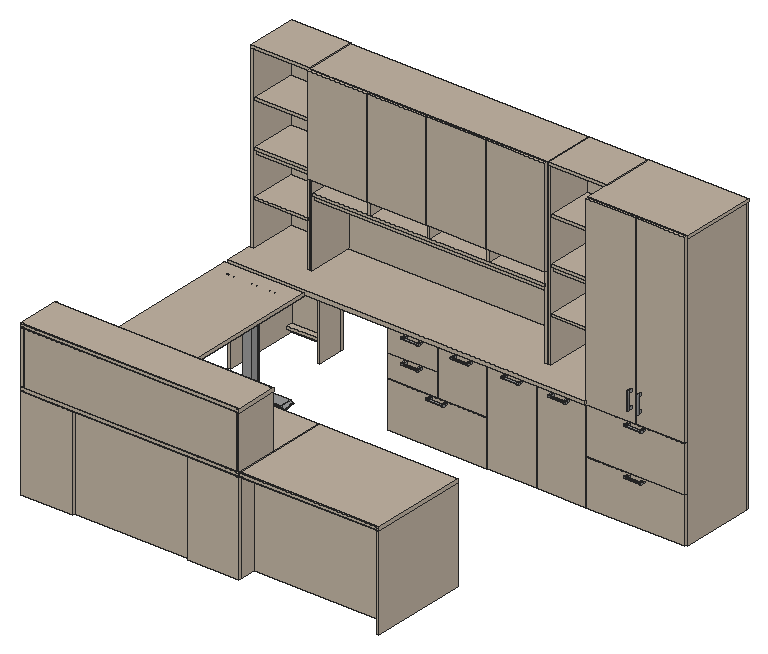
Revit family "JSI-Vision-Typical_Laminate-VST112", category Furniture, Revit 2020
Family settings
  OmniClass Number = 23.40.20.00
  OmniClass Title = General Furniture and Specialties
  Work Plane-Based = No
  Always vertical = Yes
  Cut with Voids When Loaded = No
  Shared = No
  Room Calculation Point = No
Parameters (values of type "VST112")
  URL = "www.jsifurniture.com"
  Type Comments = "Typical Laminate"  # constant formula
  Model = "VST112"
  Manufacturer = "JSI"  # constant formula
  Keynote = "12500"
  Default Elevation = 0"
  Assembly Code = "E2020200"
Reference planes (in)
  plane 1 "Center Front/Back": y = 0
  plane 2: z = 0
  plane 3 "Center Left/Right": x = 0
Dimensions and locks (in)
  aligned and locked: level to plane 2
Nested families (in)
  nested 1: "JSI-Vision-Transaction_Counter" at (65.9375, -102.125, -0.813) x (-1, 0, 0) z (0, 0, 1), type "VST1366TC, Laminate Transaction Counter 66"W"
    with Height 17.184", Depth 12.996"
  nested 2: "JSI-Vision-Double_Height_Overhead_Bookcase" at (90, -0.2655, -0.8165), type "VST1618DBO, Laminate Dbl Height Bookcase OH Cab. 16" x 18""
    with Width 18", Unit Centre 9", Depth 15.432"
  nested 3: "JSI-Vision-Modular_Wing_End_Support" at (0, -0.125, 0), type "VST1624WEAL, Wing End Sup - Left"
    with Depth 24"
  nested 4: "JSI-Vision-Double_Height_Overhead_Cabinets_with_Cubbies" at (18.125, -0.2655, -0.8165), type "VST1672DSOC, Laminate Dbl H OH Cab. 16" x 72", 4 Doors w Cub"
    with Verticall Partition Distance 35 13/16", Unit Centre 36", Width 72", Door Width Actual 17 13/16", Door Array Spacing 17 15/16", Door Width 17 13/16", Bottom Partition Array Start Distance 17 7/8", Bottom Partition Array Space 17 1/2", Bottom Partition Array Distance 17 15/16", # of bottom Partition 3, # of Doors 4
  nested 5: "JSI-Vision-Credenza_Top" at (108, -24.125, 27.996) x (-1, 0, 0) z (0, 0, 1), type "VST24108MCT, Laminate Credenza Top, 24" x 108""
    with Height 0", Width 108", Depth 24"
  nested 6: "JSI-Vision-File_File_Lateral_Storage_Cabinet" at (108, 0, 0), type "VST2430-84FFT, Laminate 84" H Lat File Strg Cab 24" x 30""
    with Width 30", Unit Centre 15", Shelve Width 28 1/2", Drawer Pull Distance(Right) 7 7/16", Drawer Pull Distance(Left) 7 7/16", Door Width 14 7/8"
  nested 7: "JSI-Vision-Modular_Multi_File_Pedestal" at (48.125, -0.0155, 0), type "VST3024MRM, Laminate Modular Multi File Ped - Right"
    with Multi Pstn 22 5/8", L no, Height 27.996", Depth 24"
  nested 8: "JSI-Vision-Modular_Door_Pedestal" at (78.125, -0.125, 0), type "VST3024MSC, Laminate Modular Door Ped"
    with Depth 24"
  nested 9: "JSI-Vision-Rectangle_Desk_Top" at (66, -72.125, -2.004), type "VST3042MCT, Laminate Rectangular Desk Top, 30" x 42""
  nested 10: "JSI-Vision-Shell_Desk-Break_Front_Modesty" at (66, -102.125, 0) x (-1, 0, 0) z (0, 0, 1), type "VST3066SHD, Laminate 30 x 66 Shell Desk , Break Front Modesty"
    with Width 66", Height 29.187"
  nested 11: "JSI-Vision_Modular_End_Panel_Return_Shell" at (118, -65.87337, 0) x (0, 1, 0) z (0, 0, 1), type "VST30EP, Laminate  29 5/8  Modular End Panel for Return Shell"
    with Width 29 5/8", Height 28"
  nested 12: "JSI-Vision-Double_Height_Overhead_Bookcase" at (0.25, 0, -0.8165), type "VST1618DBO, Laminate Dbl Height Bookcase OH Cab. 16" x 18""
    with Width 18", Unit Centre 9", Depth 15.432"
  nested 13: "JSI-Vision-Adjustable_Table_Height_Bridge-Standard_Range" at (0, -71.125, 0) x (0, 1, 0) z (0, 0, 1), type "VST2446AHB-S - Adjustable Height Table Standard Range 46"W x 24"D"
  nested 14: "JSI-Vision-L_Bracket" at (66, -95.625, 14.92973) x (0, 1, 0) z (0, 0, 1), type "VSB-LBRKT-20, Matter Black L-Bracket 17"w"
  nested 15: "JSI-Vision-Modular_Break_Front_Modesty_Panel" at (66, -89.625, 0), type "VST4128MDDE, Modular Break Front Modesty Panel 28"H, 40 5/8"W"
Definition of nested family "JSI-Vision-Transaction_Counter"
  Parameters (values of type "Type Catalog")
    Worksurface = none
    Width = 66"
    URL = "www.jsifurniture.com"
    Type Comments = ""
    Series = "Vision Casegoods"  # constant formula
    Model = "Type Catalog"
    Material = ""
    Manufacturer = "JSI"  # constant formula
    Keynote = "12500"
    JSI Enviromental Website = "http://www.jsifurniture.com/jsi_sustainability_intro.php"
    Height = 17 3/16"
    Desk Height = 30"
    Description = "Type Catalog"
    Depth = 13"
    Default Elevation = 0"
    Chassis = none
    Assembly Code = "E2020200"
  Reference planes (in)
    plane 1 "Center Front/Back": y = 0
    plane 2: z = 0
    plane 3 "Center Left/Right": x = 0
    plane 4: z = 0
    plane 5: x = 66
    plane 6: y = -13
    plane 7: z = 30
    plane 8: z = 47.1875
    plane 9: z = 46
    plane 10: x = 0.125
    plane 11: x = 0.875
    plane 12: x = 65.125
    plane 13: x = 65.875
    plane 14: y = -12.875
    plane 15: y = -0.125
    plane 16: y = -0.875
  Forms (in)
    Extrusion 1, solid, material <- "Worksurface"
      sketch origin (0, 0.25, 40.85066) x (0, 1, 0) y (0, 0, 1)
        loop
          line (-13.13189, 5.14934) -> (-0.36719, 5.14934)
          arc (-0.36719, 5.14934) -> (-0.28432, 5.18366) -> (-0.25, 5.26653) r 0.11719
          line (-0.25, 5.26653) -> (-0.25, 6.21965)
          arc (-0.25, 6.21965) -> (-0.28432, 6.30252) -> (-0.36719, 6.33684) r 0.11719
          line (-0.36719, 6.33684) -> (-13.13189, 6.33684)
          arc (-13.13189, 6.33684) -> (-13.21541, 6.30225) -> (-13.25, 6.21873) r 0.11811
          line (-13.25, 6.21873) -> (-13.25, 5.26745)
          arc (-13.25, 5.26745) -> (-13.21541, 5.18393) -> (-13.13189, 5.14934) r 0.11811
      from 0 to 66
    Extrusion 2, solid, material <- "Chassis"
      sketch origin (0, 0, 0) x (1, 0, 0) y (0, 1, 0)
        loop
          line (0.125, -0.125) -> (0.125, -12.875) -> (0.875, -12.875) -> (0.875, -0.125) -> (0.125, -0.125)
      from 30 to 46
    Extrusion 3, solid, material <- "Chassis"
      sketch origin (0, 0, 0) x (1, 0, 0) y (0, 1, 0)
        loop
          line (65.125, -0.125) -> (65.125, -12.875) -> (65.875, -12.875) -> (65.875, -0.125) -> (65.125, -0.125)
      from 30 to 46
    Extrusion 4, solid, material <- "Chassis"
      sketch origin (0, 0, 0) x (1, 0, 0) y (0, 1, 0)
        loop
          line (0.875, -0.875) -> (65.125, -0.875) -> (65.125, -0.125) -> (0.875, -0.125) -> (0.875, -0.875)
      from 30 to 46
  Lines and regions (in)
    symbolic lines
      curve 1: line (0, 0, 0) -> (66, 0, 0)
      curve 2: line (0, -13, 0) -> (0, 0, 0)
      curve 3: line (66, -13, 0) -> (0, -13, 0)
      curve 4: line (66, 0, 0) -> (66, -13, 0)
  Dimensions and locks (in)
    "Depth": plane 6 to plane 1 "Center Front/Back"
    "Width": plane 5 to plane 3 "Center Left/Right"
    "Desk Height": plane 7 to level
    "Height": plane 8 to plane 7
    locked: plane 8 to plane 9 at 1.1875
    plane 12 to plane 13 to plane 5 = 3/4" locked, 1/8" locked
    plane 3 "Center Left/Right" to plane 10 to plane 11 = 1/8" locked, 3/4" locked
    locked: plane 14 to plane 6 at 0.125
    plane 1 "Center Front/Back" to plane 15 to plane 16 = 1/8" locked, 3/4" locked
    aligned and locked: level to plane 2
    aligned and locked: plane 5 to Extrusion 1
    aligned and locked: curve 1 to Extrusion 1
    aligned and locked: curve 2 to Extrusion 1
    aligned and locked: curve 3 to plane 6
    aligned and locked: curve 4 to plane 5
    aligned and locked: plane 8 to Extrusion 1  (x2)
    aligned and locked: Extrusion 1 to plane 9  (x3)
    aligned and locked: Extrusion 1 to plane 1 "Center Front/Back"  (x3)
    aligned and locked: Extrusion 1 to plane 6  (x3)
    aligned and locked: plane 10 to Extrusion 2 sketch curve
    aligned and locked: plane 15 to Extrusion 2 sketch curve
    aligned and locked: Extrusion 2 sketch curve to plane 11
    aligned and locked: plane 14 to Extrusion 2 sketch curve
    aligned and locked: plane 14 to Extrusion 3 sketch curve
    aligned and locked: plane 12 to Extrusion 3 sketch curve
    aligned and locked: Extrusion 3 sketch curve to plane 13
    aligned and locked: plane 15 to Extrusion 3 sketch curve
    aligned and locked: Extrusion 2 to plane 7
    aligned and locked: plane 9 to Extrusion 2
    aligned and locked: plane 7 to Extrusion 3
    aligned and locked: plane 9 to Extrusion 3
    aligned and locked: plane 12 to Extrusion 4 sketch curve
    aligned and locked: Extrusion 4 sketch curve to plane 15
    aligned and locked: Extrusion 4 sketch curve to plane 11
    aligned and locked: Extrusion 4 to plane 16
    aligned and locked: Extrusion 4 to plane 7
    aligned and locked: plane 9 to Extrusion 4
  Automatic sketch dimensions
    Extrusion 1 sketch curve to plane 6 = 0"
    Extrusion 1 sketch curve to plane 8 = 0"
    Extrusion 1 sketch curve to plane 9 = 0"
    Extrusion 1 sketch curve to plane 1 "Center Front/Back" = 0"
    plane 6 to Extrusion 1 sketch curve = 0.11811"  (x2)
    plane 1 "Center Front/Back" to Extrusion 1 sketch curve = 15/128"
    Extrusion 1 sketch curve to Extrusion 1 sketch curve = 15/128"
    Extrusion 4 sketch curve to Extrusion 4 sketch curve = 3/4"
Definition of nested family "JSI-Vision-Double_Height_Overhead_Bookcase"
  Parameters (values of type "Type Catalog")
    Top = none
    Width = 36"
    Unit Centre = Width / 2  # 18"
    URL = "www.jsifurniture.com"
    Type Comments = ""
    Tag = "Open"
    Series = "Vision Casegoods"  # constant formula
    OH Elevation = 30"
    Model = "Type Catalog"
    Material = ""
    Manufacturer = "JSI"  # constant formula
    Keynote = "12500"
    JSI Enviromental Website = "http://www.jsifurniture.com/jsi_sustainability_intro.php"
    Height = 54"
    Grommet Finish = none
    Description = "Type Catalog"
    Depth = 15 7/16"
    Default Elevation = 0"
    Chassis = none
    Assembly Code = "E2020200"
  Reference planes (in)
    plane 1 "Center Front/Back": y = 0
    plane 2: z = 0
    plane 3 "Center Left/Right": x = 0
    plane 4: z = 0
    plane 5: y = -0.125
    plane 6: x = 0.125
    plane 7: x = 36
    plane 8: x = 35.875
    plane 9: y = -15.5625
    plane 10: y = -15.6875
    plane 11: y = -16.4375
    plane 12: x = 0.875
    plane 13: x = 35.125
    plane 14: x = 18
    plane 15: z = 84.5
    plane 16: z = 83.75
    plane 17: z = 30
    plane 18: x = 0.1875
    plane 19: x = 35.8125
    plane 20: z = 84
    plane 21: y = -0.9375
    plane 22: y = -1.6875
    plane 23: z = 56.875
    plane 24: z = 70.3125
    plane 25: z = 43.4375
    plane 26: z = 70.6875
    plane 27: z = 69.9375
    plane 28: z = 57.25
    plane 29: z = 56.5
    plane 30: z = 43.8125
    plane 31: z = 43.0625
    plane 32: y = -14.8125
    plane 33: y = -14.0625
    plane 34: z = 55
  Forms (in)
    Extrusion 1, solid, material <- "Chassis"
      sketch origin (0, 0, 0) x (1, 0, 0) y (0, 1, 0)
        loop
          line (0.125, -0.125) -> (0.125, -15.5625) -> (0.875, -15.5625) -> (0.875, -0.125) -> (0.125, -0.125)
      from 30 to 83.75
    Extrusion 2, solid, material <- "Chassis"
      sketch origin (0, 0, 0) x (1, 0, 0) y (0, 1, 0)
        loop
          line (35.125, -0.125) -> (35.125, -15.5625) -> (35.875, -15.5625) -> (35.875, -0.125) -> (35.125, -0.125)
      from 30 to 83.75
    Extrusion 3, solid, material <- "Chassis"
      sketch origin (102.12288, -0.9375, 48) x (1, 0, 0) y (0, 0, 1)
        loop
          line (-101.24788, 35.75) -> (-101.24788, -18) -> (-66.99788, -18) -> (-66.99788, 35.75) -> (-101.24788, 35.75)
      from 0 to 0.75
    Extrusion 4, solid, material <- "Top"
      sketch origin (60, -0.125, 48) x (1, 0, 0) y (0, 0, 1)
        loop
          line (-59.875, 36.5) -> (-59.875, 35.75) -> (-24.125, 35.75) -> (-24.125, 36.5) -> (-59.875, 36.5)
      from 0 to 15.4375
    Extrusion 5, solid, material <- "Chassis"
      sketch origin (60, -0.125, 48) x (1, 0, 0) y (0, 0, 1)
        loop
          line (-59.125, 22.6875) -> (-59.125, 21.9375) -> (-24.875, 21.9375) -> (-24.875, 22.6875) -> (-59.125, 22.6875)
      from 1.5625 to 15.4375
    Extrusion 6, solid, material <- "Chassis"
      sketch origin (60, -0.125, 48) x (1, 0, 0) y (0, 0, 1)
        loop
          line (-59.125, 9.25) -> (-59.125, 8.5) -> (-24.875, 8.5) -> (-24.875, 9.25) -> (-59.125, 9.25)
      from 1.5625 to 15.4375
    Extrusion 7, solid, material <- "Chassis"
      sketch origin (60, -0.125, 48) x (1, 0, 0) y (0, 0, 1)
        loop
          line (-59.125, -4.1875) -> (-59.125, -4.9375) -> (-24.875, -4.9375) -> (-24.875, -4.1875) -> (-59.125, -4.1875)
      from 1.5625 to 15.4375
    Extrusion 8, solid, material <- "Chassis"
      sketch origin (0, 0, 0) x (1, 0, 0) y (0, 1, 0)
        loop
          line (0.875, -14.0625) -> (0.875, -14.8125) -> (35.125, -14.8125) -> (35.125, -14.0625) -> (0.875, -14.0625)
      from 55 to 56.5
  Lines and regions (in)
    symbolic lines
      curve 1: line (35.875, -0.125, 0) -> (0.125, -0.125, 0)
      curve 2: line (0.125, -0.125, 0) -> (0.125, -15.5625, 0)
      curve 3: line (0.125, -15.5625, 0) -> (35.875, -15.5625, 0)
      curve 4: line (35.875, -15.5625, 0) -> (35.875, -0.125, 0)
  Dimensions and locks (in)
    locked: plane 3 "Center Left/Right" to plane 6 at 0.125
    "Width": plane 3 "Center Left/Right" to plane 7
    locked: plane 8 to plane 7 at 0.125
    locked: plane 10 to plane 9 at 0.125
    locked: plane 11 to plane 10 at 0.75
    locked: plane 5 to plane 1 "Center Front/Back" at 0.125
    locked: plane 6 to plane 12 at 0.75
    locked: plane 13 to plane 8 at 0.75
    "Unit Centre": plane 3 "Center Left/Right" to plane 14
    locked: plane 15 to plane 16 at 0.75
    "OH Elevation": plane 17 to plane 4
    locked: plane 6 to plane 18 at 0.0625
    locked: plane 19 to plane 8 at 0.0625
    "Depth": plane 9 to plane 5
    locked: plane 15 to plane 20 at 0.5
    "Height": plane 20 to plane 17
    plane 22 to plane 21 to plane 5 = 3/4" locked, 13/16" locked
    equal spacing: plane 16, plane 23, plane 17
    equal spacing: plane 16, plane 24, plane 23
    equal spacing: plane 23, plane 25, plane 17
    plane 26 to plane 24 to plane 27 = 3/8" locked, 3/8" locked
    plane 28 to plane 23 to plane 29 = 3/8" locked, 3/8" locked
    plane 30 to plane 25 to plane 31 = 3/8" locked, 3/8" locked
    plane 9 to plane 32 to plane 33 = 3/4" locked, 3/4" locked
    locked: plane 29 to plane 34 at 1.5
    aligned and locked: level to plane 2
    aligned and locked: plane 6 to Extrusion 1 sketch curve
    aligned and locked: Extrusion 1 sketch curve to plane 9
    aligned and locked: Extrusion 1 sketch curve to plane 12
    aligned and locked: plane 5 to Extrusion 1 sketch curve
    aligned and locked: plane 13 to Extrusion 2 sketch curve
    aligned and locked: Extrusion 2 sketch curve to plane 9
    aligned and locked: Extrusion 2 sketch curve to plane 8
    aligned and locked: plane 5 to Extrusion 2 sketch curve
    aligned and locked: plane 16 to Extrusion 3
    aligned and locked: Extrusion 3 to plane 21
    aligned and locked: plane 22 to Extrusion 3
    aligned and locked: plane 12 to Extrusion 3 sketch curve
    aligned and locked: Extrusion 3 sketch curve to plane 13
    aligned and locked: plane 16 to Extrusion 1
    aligned and locked: Extrusion 1 to plane 17
    aligned and locked: plane 16 to Extrusion 2
    aligned and locked: Extrusion 2 to plane 17
    aligned and locked: plane 16 to Extrusion 4 sketch curve
    aligned and locked: Extrusion 4 sketch curve to plane 15
    aligned and locked: Extrusion 4 sketch curve to plane 8
    aligned and locked: plane 6 to Extrusion 4 sketch curve
    aligned and locked: Extrusion 4 to plane 5
    aligned and locked: plane 9 to Extrusion 4
    aligned and locked: Extrusion 5 sketch curve to plane 26
    aligned and locked: plane 27 to Extrusion 5 sketch curve
    aligned and locked: plane 12 to Extrusion 5 sketch curve
    aligned and locked: Extrusion 5 sketch curve to plane 13
    aligned and locked: Extrusion 5 to plane 22
    aligned and locked: plane 9 to Extrusion 5
    aligned and locked: Extrusion 6 sketch curve to plane 28
    aligned and locked: plane 29 to Extrusion 6 sketch curve
    aligned and locked: Extrusion 6 sketch curve to plane 13
    aligned and locked: plane 12 to Extrusion 6 sketch curve
    aligned and locked: Extrusion 7 sketch curve to plane 30
    aligned and locked: plane 31 to Extrusion 7 sketch curve
    aligned and locked: Extrusion 7 sketch curve to plane 13
    aligned and locked: plane 12 to Extrusion 7 sketch curve
    aligned and locked: Extrusion 6 to plane 22
    aligned and locked: plane 9 to Extrusion 6
    aligned and locked: Extrusion 7 to plane 22
    aligned and locked: plane 9 to Extrusion 7
    aligned and locked: plane 33 to Extrusion 8 sketch curve
    aligned and locked: Extrusion 8 sketch curve to plane 32
    aligned and locked: Extrusion 8 sketch curve to plane 13
    aligned and locked: plane 12 to Extrusion 8 sketch curve
    aligned and locked: plane 29 to Extrusion 8
    aligned and locked: Extrusion 8 to plane 34
    aligned and locked: plane 14 to nested 1
    aligned and locked: plane 9 to nested 1
    aligned and locked: curve 1 to Extrusion 4
    aligned and locked: curve 2 to Extrusion 4
    aligned and locked: curve 3 to Extrusion 4
    aligned and locked: curve 4 to Extrusion 4
  Automatic sketch dimensions
    Extrusion 3 sketch curve to plane 17 = 0"
    Extrusion 3 sketch curve to plane 16 = 0"
  Nested families (in)
    nested 1: "Label 1-16 OH" at (18, -15.5625, 0), type "OH DOORS"
  Definition of nested family "Label 1-16 OH"
    Parameters
      Width = 1"
      Model Name = "4 Doors"
    Reference planes (in)
      plane 1: y = 0
      plane 2: x = 0
    Text (in)
      label "XX" at (0.00051, -0.12324, 0), shows "Model Name"
Definition of nested family "JSI-Vision-Modular_Wing_End_Support"
  Parameters (values of type "Wing End Sup - Type Catalog Family")
    Width = 16"
    URL = "www.jsifurniture.com"
    Series = "Vision Casegoods"  # constant formula
    Pnl Pstn = if(L, 1/8", Width - 7/8")  # 1/8"
    Model = "Type Catalog"
    Manufacturer = "JSI"  # constant formula
    L = yes
    Keynote = "12500"  # constant formula
    JSI Enviromental website = "http://www.jsifurniture.com/jsi_sustainability_intro.php"
    Height = 28"
    Grommet Finish = none
    Description = "Type Catalog"
    Depth = 20"
    Default Elevation = 0"
    Chassis = none
    Assembly Code = "E2020200"
  Reference planes (in)
    plane 1 "Center Front/Back": y = 0
    plane 2: z = 0
    plane 3 "Center Left/Right": x = 0
    plane 4: x = 0.125
    plane 5: x = 15.875
    plane 6: x = 16
    plane 7: y = -0.1875
    plane 8: z = 28
    plane 9: x = 0.875
    plane 10: x = 15.126
    plane 11: y = -20
    plane 12: y = -19.8125
    plane 13: y = -0.9375
    plane 14: x = 0.125
    plane 15: x = 15.875
  Forms (in)
    Extrusion 1, solid, material <- "Chassis"
      sketch origin (0, 0, 0) x (1, 0, 0) y (0, 1, 0)
        loop
          line (0.125, -0.1875) -> (0.125, -0.9375) -> (15.875, -0.9375) -> (15.875, -0.1875) -> (0.125, -0.1875)
      from 0 to 28
    Extrusion 2, solid, material <- "Chassis"
      sketch origin (0.125, -0.1875, 48) x (0, 1, 0) y (0, 0, 1)
        loop
          line (-0.75, -20) -> (-19.625, -20) -> (-19.625, -48) -> (-0.75, -48) -> (-0.75, -20)
      from 0 to 0.75
    Extrusion 3, solid, material <- "Chassis"
      sketch origin (15.875, -0.1875, 48) x (0, 1, 0) y (0, 0, 1)
        loop
          line (-0.75, -20) -> (-4.75, -20) -> (-4.75, -48) -> (-0.75, -48) -> (-0.75, -20)
      from -0.749 to 0
    Extrusion 4, solid, material <- "Chassis"
      sketch origin (0, 0, 0) x (0, 1, 0) y (0, 0, 1)
        loop
          line (-0.9375, 1.75) -> (-0.9375, 2.5) -> (-2.875, 2.5) -> (-2.875, 1.75) -> (-0.9375, 1.75)
      from 0.875 to 15.126
  Lines and regions (in)
    symbolic lines
      curve 1: line (15.875, -0.1875, 0) -> (0.125, -0.1875, 0)
      curve 2: line (0.125, -19.8125, 0) -> (0.125, -0.1875, 0)
      curve 3: line (15.875, -0.1875, 0) -> (15.875, -4.9375, 0)
      curve 4: line (0.125, -0.9375, 0) -> (15.875, -0.9375, 0)
      curve 5: line (0.875, -0.9375, 0) -> (0.875, -19.8125, 0)
      curve 6: line (0.125, -19.8125, 0) -> (0.875, -19.8125, 0)
      curve 7: line (15.126, -0.9375, 0) -> (15.126, -4.9375, 0)
      curve 8: line (15.126, -4.9375, 0) -> (15.875, -4.9375, 0)
  Dimensions and locks (in)
    locked: plane 1 "Center Front/Back" to plane 7 at 0.1875
    "Height": plane 8 to level
    locked: plane 4 to plane 9 at 0.75
    locked: plane 10 to plane 5 at 0.749
    "Depth": plane 11 to plane 1 "Center Front/Back"
    "Width": plane 3 "Center Left/Right" to plane 6
    locked: plane 3 "Center Left/Right" to plane 14 at 0.125
    locked: plane 15 to plane 6 at 0.125
    locked: Extrusion 1 to Extrusion 4 at 0.75
    locked: Extrusion 4 to Extrusion 1 at 0.749
    "Pnl Pstn": plane 3 "Center Left/Right" to plane 4
    "Pnl Pstn": plane 5 to plane 6
    locked: plane 12 to plane 11 at 0.1875
    Extrusion 4 to Extrusion 4 to plane 2 = 3/4" locked, 1 3/4" locked
    locked: plane 13 to Extrusion 4 at 1.9375
    aligned and locked: level to plane 2
    aligned and locked: Extrusion 1 sketch curve to plane 7
    aligned and locked: Extrusion 2 sketch curve to level
    aligned and locked: Extrusion 3 sketch curve to plane 8
    aligned and locked: level to Extrusion 3 sketch curve
    aligned and locked: Extrusion 2 to plane 12
    aligned and locked: plane 13 to Extrusion 2
    aligned and locked: plane 9 to Extrusion 2
    aligned and locked: Extrusion 2 to plane 4
    aligned and locked: Extrusion 1 to plane 14
    aligned and locked: plane 15 to Extrusion 1
    aligned and locked: curve 6 to plane 12
    aligned and locked: plane 13 to Extrusion 4 sketch curve
    aligned and locked: plane 13 to Extrusion 3
    aligned and locked: plane 14 to curve 1
  Automatic sketch dimensions
    plane 11 to Extrusion 3 sketch curve = 15 1/16"
    Extrusion 2 sketch curve to plane 8 = 0"
    plane 12 to Extrusion 2 sketch curve = 0"
    Extrusion 1 sketch curve to plane 7 = 3/4"
    Extrusion 2 sketch curve to plane 7 = 3/4"
    Extrusion 3 sketch curve to plane 7 = 3/4"
    Extrusion 1 sketch curve to plane 4 = 0"
    plane 5 to Extrusion 1 sketch curve = 0"
    curve 7 to plane 10 = 0"
    curve 3 to plane 5 = 0"
    curve 2 to plane 4 = 0"
    curve 6 to plane 9 = 0"
    curve 1 to plane 15 = 0"
    curve 4 to plane 13 = 0"
    curve 7 to plane 13 = 0"
    curve 5 to plane 13 = 0"
    curve 2 to plane 7 = 0"
    level to Extrusion 4 sketch curve = 1 3/4"
    Extrusion 4 sketch curve to Extrusion 4 sketch curve = 3/4"
    curve 3 to curve 4 = 4"
    Extrusion 4 sketch curve to plane 13 = 1 15/16"
Definition of nested family "JSI-Vision-Double_Height_Overhead_Cabinets_with_Cubbies"
  Parameters (values of type "Double Height Overhead Cab. with Cubbies - Type Catalog Family")
    Verticall Partition Distance = (Door Width * 2) + 3/16"  # 29.85417"
    Unit Centre = Width / 2  # 45"
    Top = none
    Width = 90"
    URL = "www.jsifurniture.com"
    Type Comments = ""
    Tag = "6 Doors"
    Series = "Vision Casegoods"  # constant formula
    Right Vertical Partition = yes
    Overhead Height = 26 1/2"
    OH Elevation = 30"
    Model = "Type Catalog"
    Material = ""
    Manufacturer = "JSI"  # constant formula
    Left Vertical Partition = yes
    Keynote = "12500"
    JSI Enviromental Website = "http://www.jsifurniture.com/jsi_sustainability_intro.php"
    Height = 54"
    Grommet Finish = none
    Gromett Height = OH Elevation + 18 5/8"  # 48 5/8"
    Door Width Actual = if(# of Doors > 4, (((Width - 1")) / # of Doors), if(# of Doors > 3, (((Width - 1") / # of Doors) + 1/16"), if(# of Doors > 2, (((Width - 1 1/8" + 1/8") / # of Doors) + 1/8"), (((Width - 1 1/8" + 1/8") / # of Doors) + 1/4"))))  # 14.83333"
    Door Array Spacing = Door Width + 1/8"  # 14.95833"
    Door Width = Door Width Actual  # 14.83333"
    Door Front = none
    Door Align Spacing = 1/16"
    Description = "Type Catalog"
    Depth = 16"
    Default Elevation = 0"
    Chassis = none
    Bottom Partition Array Start Distance = if(# of Doors > 4, (((Width - 1") / # of Doors) + 1/16"), if(# of Doors > 3, (((Width - 1") / # of Doors) + 1/8"), if(# of Doors > 2, (((Width - 1") / # of Doors) + 3/16"), (((Width - 1") / # of Doors) + 1/4"))))  # 14.89583"
    Bottom Partition Array Space = Bottom Partition Array Start Distance - 3/8"  # 14.52083"
    Bottom Partition Array Distance = if(# of Doors > 2, (Verticall Partition Distance - Bottom Partition Array Start Distance), 0")  # 14.95833"
    Assembly Code = "E2020200"
    # of bottom Partition = if(# of Doors > 2, (# of Doors - 1), # of Doors)  # 5
    # of Doors = if(Width > 89", 6, (if(Width > 53", 4, (if(Width > 41", 3, (if(Width > 30", 2, 2)))))))  # 6
  Reference planes (in)
    plane 1 "Center Front/Back": y = 0
    plane 2: z = 0
    plane 3 "Center Left/Right": x = 0
    plane 4: z = 0
    plane 5: y = -0.125
    plane 6: x = 90
    plane 7: x = 0.125
    plane 8: x = 89.875
    plane 9: y = -15.5625
    plane 10: y = -16
    plane 11: z = 84.5
    plane 12: z = 84
    plane 13: x = 0.875
    plane 14: x = 89.125
    plane 15: y = -0.875
    plane 16: y = -0.9375
    plane 17: y = -1.6875
    plane 18: z = 83.75
    plane 19: z = 56.5
    plane 20: z = 57.25
    plane 21: z = 49
    plane 22: y = -14.8125
    plane 23: y = -14.0625
    plane 24: z = 70.5
    plane 25: z = 70.875
    plane 26: z = 70.125
    plane 27: x = 0.1875
    plane 28: x = 89.8125
    plane 29: z = 84.4375
    plane 30: z = 55.1875
    plane 31: y = -15.6875
    plane 32: y = -16.4375
    plane 33: x = 45
    plane 34: x = 30.04167
    plane 35: x = 59.95833
    plane 36: x = 29.66667
    plane 37: x = 30.41667
    plane 38: x = 59.58333
    plane 39: x = 60.33333
    plane 40 "Not a Reference": x = 6.875
    plane 41: x = 83.125
    plane 42: z = 50.5
    plane 43: z = 51.25
    plane 44: x = 44.625
    plane 45: x = 45.375
    plane 46: x = 0.5
    plane 47: x = 89.5
    plane 48: x = 15.08333
    plane 49: x = 14.70833
    plane 50: x = 15.45833
    plane 51: z = 30
  Forms (in)
    Extrusion 1, solid, material <- "Chassis"
      sketch origin (0, 0, 0) x (1, 0, 0) y (0, 1, 0)
        loop
          line (0.125, -0.125) -> (0.125, -15.5625) -> (0.875, -15.5625) -> (0.875, -0.125) -> (0.125, -0.125)
      from 30 to 83.75
    Extrusion 2, solid, material <- "Chassis"
      sketch origin (0, 0, 0) x (1, 0, 0) y (0, 1, 0)
        loop
          line (89.875, -0.125) -> (89.125, -0.125) -> (89.125, -15.5625) -> (89.875, -15.5625) -> (89.875, -0.125)
      from 30 to 83.75
    Extrusion 3, solid, material <- "Top"
      sketch origin (0, 0, 0) x (1, 0, 0) y (0, 0, 1)
        loop
          line (0.125, 84.5) -> (0.125, 83.75) -> (89.875, 83.75) -> (89.875, 84.5) -> (0.125, 84.5)
      from 0.125 to 15.5625
    Extrusion 4, solid, material <- "Chassis"
      sketch origin (0, 0, 0) x (1, 0, 0) y (0, 0, 1)
        loop
          line (0.875, 57.25) -> (0.875, 56.5) -> (89.125, 56.5) -> (89.125, 57.25) -> (0.875, 57.25)
      from 1.6875 to 15.5625
    Extrusion 5, solid, material <- "Chassis"
      sketch origin (0, 0, 0) x (1, 0, 0) y (0, 1, 0)
        loop
          line (0.875, -14.0625) -> (0.875, -14.8125) -> (89.125, -14.8125) -> (89.125, -14.0625) -> (0.875, -14.0625)
      from 49 to 50.5
    Extrusion 6, solid, material <- "Chassis"
      sketch origin (0, 0, 0) x (1, 0, 0) y (0, 0, 1)
        loop
          line (0.875, 70.875) -> (0.875, 70.125) -> (89.125, 70.125) -> (89.125, 70.875) -> (0.875, 70.875)
      from 1.6875 to 15.5625
    Extrusion 7, solid, material <- "Door Front"
      sketch origin (-3.04167, 0, 31.5) x (1, 0, 0) y (0, 1, 0)
        loop
          line (3.22917, -15.6875) -> (3.22917, -16.4375) -> (18.0625, -16.4375) -> (18.0625, -15.6875) -> (3.22917, -15.6875)
      from 23.6875 to 52.9375
    Extrusion 8, solid, material <- "Door Front"
      sketch origin (11.91667, 0, 31.5) x (1, 0, 0) y (0, 1, 0)
        loop
          line (3.22917, -15.6875) -> (3.22917, -16.4375) -> (18.0625, -16.4375) -> (18.0625, -15.6875) -> (3.22917, -15.6875)
      from 23.6875 to 52.9375
    Extrusion 9, solid, material <- "Chassis", visible <- "Left Vertical Partition"
      sketch origin (0, 0, 0) x (1, 0, 0) y (0, 1, 0)
        loop
          line (29.66667, -1.6875) -> (29.66667, -15.5625) -> (30.41667, -15.5625) -> (30.41667, -1.6875) -> (29.66667, -1.6875)
      from 57.25 to 83.75
    Extrusion 10, solid, material <- "Chassis", visible <- "Right Vertical Partition"
      sketch origin (0, 0, 0) x (1, 0, 0) y (0, 1, 0)
        loop
          line (59.58333, -1.6875) -> (59.58333, -15.5625) -> (60.33333, -15.5625) -> (60.33333, -1.6875) -> (59.58333, -1.6875)
      from 57.25 to 83.75
    Extrusion 11, solid, material <- "Chassis"
      sketch origin (130.61992, -0.9375, 48) x (1, 0, 0) y (0, 0, 1)
        loop
          line (-129.74492, 35.75) -> (-129.74492, -18) -> (-41.49492, -18) -> (-41.49492, 35.75) -> (-129.74492, 35.75)
        loop
          circle (-120.24544, 1.90525) r 0.33594
        loop
          circle (-50.99441, 1.90525) r 0.33594
      from 0 to 0.75
    Extrusion 12, solid, material <- "Chassis"
      sketch origin (130.61992, -0.9375, 48) x (1, 0, 0) y (0, 0, 1)
        loop
          line (-129.74492, 2.5) -> (-41.49492, 2.5) -> (-41.49492, 3.25) -> (-129.74492, 3.25) -> (-129.74492, 2.5)
      from 0.75 to 14.625
    Extrusion 13, solid, material <- "Chassis"
      sketch origin (-3, 0, 30) x (1, 0, 0) y (0, 1, 0)
        loop
          line (17.70833, -1.6875) -> (17.70833, -15.5625) -> (18.45833, -15.5625) -> (18.45833, -1.6875) -> (17.70833, -1.6875)
      from 21.25 to 26.5
    Extrusion 14, solid, material <- "Chassis"
      sketch origin (11.95833, 0, 30) x (1, 0, 0) y (0, 1, 0)
        loop
          line (17.70833, -1.6875) -> (17.70833, -15.5625) -> (18.45833, -15.5625) -> (18.45833, -1.6875) -> (17.70833, -1.6875)
      from 21.25 to 26.5
    Extrusion 15, solid, material <- "Door Front"
      sketch origin (26.875, 0, 31.5) x (1, 0, 0) y (0, 1, 0)
        loop
          line (3.22917, -15.6875) -> (3.22917, -16.4375) -> (18.0625, -16.4375) -> (18.0625, -15.6875) -> (3.22917, -15.6875)
      from 23.6875 to 52.9375
    Extrusion 16, solid, material <- "Door Front"
      sketch origin (41.83333, 0, 31.5) x (1, 0, 0) y (0, 1, 0)
        loop
          line (3.22917, -15.6875) -> (3.22917, -16.4375) -> (18.0625, -16.4375) -> (18.0625, -15.6875) -> (3.22917, -15.6875)
      from 23.6875 to 52.9375
    Extrusion 17, solid, material <- "Door Front"
      sketch origin (56.79167, 0, 31.5) x (1, 0, 0) y (0, 1, 0)
        loop
          line (3.22917, -15.6875) -> (3.22917, -16.4375) -> (18.0625, -16.4375) -> (18.0625, -15.6875) -> (3.22917, -15.6875)
      from 23.6875 to 52.9375
    Extrusion 18, solid, material <- "Door Front"
      sketch origin (71.75, 0, 31.5) x (1, 0, 0) y (0, 1, 0)
        loop
          line (3.22917, -15.6875) -> (3.22917, -16.4375) -> (18.0625, -16.4375) -> (18.0625, -15.6875) -> (3.22917, -15.6875)
      from 23.6875 to 52.9375
    Extrusion 19, solid, material <- "Chassis"
      sketch origin (26.91667, 0, 30) x (1, 0, 0) y (0, 1, 0)
        loop
          line (17.70833, -1.6875) -> (17.70833, -15.5625) -> (18.45833, -15.5625) -> (18.45833, -1.6875) -> (17.70833, -1.6875)
      from 21.25 to 26.5
    Extrusion 20, solid, material <- "Chassis"
      sketch origin (41.875, 0, 30) x (1, 0, 0) y (0, 1, 0)
        loop
          line (17.70833, -1.6875) -> (17.70833, -15.5625) -> (18.45833, -15.5625) -> (18.45833, -1.6875) -> (17.70833, -1.6875)
      from 21.25 to 26.5
    Extrusion 21, solid, material <- "Chassis"
      sketch origin (56.83333, 0, 30) x (1, 0, 0) y (0, 1, 0)
        loop
          line (17.70833, -1.6875) -> (17.70833, -15.5625) -> (18.45833, -15.5625) -> (18.45833, -1.6875) -> (17.70833, -1.6875)
      from 21.25 to 26.5
  Lines and regions (in)
    symbolic lines
      curve 1: line (89.875, -0.125, 0) -> (0.125, -0.125, 0)
      curve 2: line (0.125, -0.125, 0) -> (0.125, -15.5625, 0)
      curve 3: line (89.875, -15.5625, 0) -> (89.875, -0.125, 0)
      curve 4: line (0.125, -15.5625, 0) -> (89.875, -15.5625, 0)
      curve 5: line (0.1875, -15.6875, 0) -> (15.02083, -15.6875, 0)
      curve 6: line (0.1875, -16.4375, 0) -> (0.1875, -15.6875, 0)
      curve 7: line (15.02083, -16.4375, 0) -> (0.1875, -16.4375, 0)
      curve 8: line (15.02083, -15.6875, 0) -> (15.02083, -16.4375, 0)
      curve 9: line (15.14583, -15.6875, 0) -> (29.97917, -15.6875, 0)
      curve 10: line (15.14583, -16.4375, 0) -> (15.14583, -15.6875, 0)
      curve 11: line (29.97917, -16.4375, 0) -> (15.14583, -16.4375, 0)
      curve 12: line (29.97917, -15.6875, 0) -> (29.97917, -16.4375, 0)
      curve 13: line (30.10417, -15.6875, 0) -> (44.9375, -15.6875, 0)
      curve 14: line (30.10417, -16.4375, 0) -> (30.10417, -15.6875, 0)
      curve 15: line (44.9375, -16.4375, 0) -> (30.10417, -16.4375, 0)
      curve 16: line (44.9375, -15.6875, 0) -> (44.9375, -16.4375, 0)
      curve 17: line (45.0625, -15.6875, 0) -> (59.89583, -15.6875, 0)
      curve 18: line (45.0625, -16.4375, 0) -> (45.0625, -15.6875, 0)
      curve 19: line (59.89583, -16.4375, 0) -> (45.0625, -16.4375, 0)
      curve 20: line (59.89583, -15.6875, 0) -> (59.89583, -16.4375, 0)
      curve 21: line (60.02083, -15.6875, 0) -> (74.85417, -15.6875, 0)
      curve 22: line (60.02083, -16.4375, 0) -> (60.02083, -15.6875, 0)
      curve 23: line (74.85417, -16.4375, 0) -> (60.02083, -16.4375, 0)
      curve 24: line (74.85417, -15.6875, 0) -> (74.85417, -16.4375, 0)
      curve 25: line (74.97917, -15.6875, 0) -> (89.8125, -15.6875, 0)
      curve 26: line (74.97917, -16.4375, 0) -> (74.97917, -15.6875, 0)
      curve 27: line (89.8125, -16.4375, 0) -> (74.97917, -16.4375, 0)
      curve 28: line (89.8125, -15.6875, 0) -> (89.8125, -16.4375, 0)
  Dimensions and locks (in)
    locked: plane 3 "Center Left/Right" to plane 7 at 0.125
    locked: plane 8 to plane 6 at 0.125
    locked: plane 5 to plane 1 "Center Front/Back" at 0.125
    plane 10 to plane 9 to plane 22 to plane 23 = 7/16" locked, 3/4" locked, 3/4" locked
    "Width": plane 3 "Center Left/Right" to plane 6
    "Depth": plane 10 to plane 1 "Center Front/Back"
    locked: plane 11 to plane 12 at 0.5
    locked: plane 7 to plane 13 at 0.75
    locked: plane 14 to plane 8 at 0.75
    locked: plane 15 to plane 5 at 0.75
    plane 17 to plane 16 to plane 5 = 3/4" locked, 13/16" locked
    locked: plane 11 to plane 18 at 0.75
    locked: plane 20 to plane 19 at 0.75
    equal spacing: plane 18, plane 24, plane 20
    plane 25 to plane 24 to plane 26 = 3/8" locked, 3/8" locked
    locked: plane 11 to plane 29 at 0.0625
    locked: plane 19 to plane 30 at 1.3125
    plane 32 to plane 31 to plane 9 = 3/4" locked, 1/8" locked
    "Door Width": Extrusion 7 sketch curve to Extrusion 7 sketch curve
    "Door Width": Extrusion 8 sketch curve to Extrusion 8 sketch curve
    equal spacing: group 1, group 2, group 5, group 6, group 7, group 8  (x3)
    "Door Array Spacing": Extrusion 7 to Extrusion 8
    "Verticall Partition Distance": plane 27 to plane 34
    plane 36 to plane 34 to plane 37 = 3/8" locked, 3/8" locked
    plane 38 to plane 35 to plane 39 = 3/8" locked, 3/8" locked
    "Verticall Partition Distance": plane 35 to plane 28
    "Unit Centre": plane 3 "Center Left/Right" to plane 33
    locked: plane 13 to plane 40 "Not a Reference" at 6
    locked: plane 41 to plane 14 at 6
    "Door Align Spacing": plane 7 to plane 27
    "Door Align Spacing": plane 28 to plane 8
    locked: plane 19 to plane 42 at 6
    plane 43 to plane 42 to plane 21 = 3/4" locked, 1 1/2" locked
    locked: plane 46 to plane 13 at 0.375
    locked: plane 14 to plane 47 at 0.375
    "Bottom Partition Array Start Distance": plane 27 to plane 48
    plane 49 to plane 48 to plane 50 = 3/8" locked, 3/8" locked
    equal spacing: group 3, group 4, group 9, group 10, group 11  (x3)
    "Bottom Partition Array Distance": Extrusion 13 to Extrusion 14
    "Bottom Partition Array Space": plane 27 to Extrusion 13
    plane 44 to plane 33 to plane 45 = 3/8" locked, 3/8" locked
    "Door Width": Extrusion 15 sketch curve to Extrusion 15 sketch curve
    "Door Width": Extrusion 16 sketch curve to Extrusion 16 sketch curve
    "Door Width": Extrusion 17 sketch curve to Extrusion 17 sketch curve
    "Door Width": Extrusion 18 sketch curve to Extrusion 18 sketch curve
    "OH Elevation": plane 51 to plane 4
    "Height": plane 12 to plane 51
    "Overhead Height": plane 19 to plane 51
    locked: Extrusion 11 sketch curve to Extrusion 11 sketch curve at 9.49948  (x2)
    locked: Extrusion 11 sketch curve to Extrusion 11 sketch curve at 33.84475  (x2)
    aligned and locked: level to plane 2
    aligned and locked: plane 5 to Extrusion 1 sketch curve
    aligned and locked: plane 7 to Extrusion 1 sketch curve
    aligned and locked: Extrusion 1 sketch curve to plane 13
    aligned and locked: Extrusion 2 sketch curve to plane 5
    aligned and locked: plane 8 to Extrusion 2 sketch curve
    aligned and locked: Extrusion 2 sketch curve to plane 14
    aligned and locked: Extrusion 3 sketch curve to plane 11
    aligned and locked: plane 7 to Extrusion 3 sketch curve
    aligned and locked: Extrusion 3 to plane 5
    aligned and locked: plane 9 to Extrusion 1
    aligned and locked: plane 9 to Extrusion 2
    aligned and locked: plane 9 to Extrusion 3
    aligned and locked: Extrusion 4 sketch curve to plane 20
    aligned and locked: plane 13 to Extrusion 4 sketch curve
    aligned and locked: plane 19 to Extrusion 4 sketch curve
    aligned and locked: Extrusion 4 sketch curve to plane 14
    aligned and locked: Extrusion 4 to plane 17
    aligned and locked: plane 9 to Extrusion 4
    aligned and locked: plane 23 to Extrusion 5 sketch curve
    aligned and locked: plane 13 to Extrusion 5 sketch curve
    aligned and locked: Extrusion 5 sketch curve to plane 22
    aligned and locked: Extrusion 5 sketch curve to plane 14
    aligned and locked: Extrusion 5 to plane 21
    aligned and locked: Extrusion 6 sketch curve to plane 25
    aligned and locked: plane 13 to Extrusion 6 sketch curve
    aligned and locked: plane 26 to Extrusion 6 sketch curve
    aligned and locked: Extrusion 6 sketch curve to plane 14
    aligned and locked: Extrusion 6 to plane 17
    aligned and locked: plane 9 to Extrusion 6
    aligned and locked: Extrusion 7 to plane 27
    aligned and locked: plane 17 to Extrusion 9 sketch curve
    aligned and locked: plane 36 to Extrusion 9 sketch curve
    aligned and locked: Extrusion 9 sketch curve to plane 9
    aligned and locked: Extrusion 9 sketch curve to plane 37
    aligned and locked: plane 17 to Extrusion 10 sketch curve
    aligned and locked: plane 38 to Extrusion 10 sketch curve
    aligned and locked: Extrusion 10 sketch curve to plane 9
    aligned and locked: Extrusion 10 sketch curve to plane 39
    aligned and locked: plane 18 to Extrusion 9
    aligned and locked: Extrusion 9 to plane 20
    aligned and locked: plane 18 to Extrusion 10
    aligned and locked: Extrusion 10 to plane 20
    aligned and locked: Extrusion 1 to Extrusion 11 sketch curve
    aligned and locked: Extrusion 11 sketch curve to Extrusion 1
    aligned and locked: Extrusion 11 sketch curve to Extrusion 2
    aligned and locked: Extrusion 11 to plane 16
    aligned and locked: plane 17 to Extrusion 11
    aligned and locked: Extrusion 7 to plane 30
    aligned and locked: Extrusion 12 sketch curve to plane 42
    aligned and locked: Extrusion 12 sketch curve to plane 43
    aligned and locked: Extrusion 12 sketch curve to plane 13
    aligned and locked: Extrusion 12 sketch curve to plane 14
    aligned and locked: Extrusion 12 to plane 17
    aligned and locked: plane 9 to Extrusion 12
    aligned and locked: plane 42 to Extrusion 5
    aligned and locked: Extrusion 13 to plane 43
    aligned and locked: plane 19 to Extrusion 13
    aligned and locked: plane 33 to nested 1
    aligned and locked: plane 32 to nested 1
    aligned and locked: plane 30 to Extrusion 7  (x3)
    aligned and locked: Extrusion 8 to plane 30
    aligned and locked: Extrusion 13 to plane 19  (x2)
    aligned and locked: plane 43 to Extrusion 13  (x2)
    aligned and locked: plane 19 to Extrusion 14
    aligned and locked: Extrusion 14 to plane 43
    aligned and locked: plane 29 to Extrusion 7
    aligned and locked: plane 18 to Extrusion 1
    aligned and locked: plane 18 to Extrusion 2
    aligned and locked: curve 1 to Extrusion 3
    aligned and locked: curve 2 to Extrusion 3
    aligned and locked: curve 3 to Extrusion 3
    aligned and locked: curve 4 to Extrusion 3
    aligned and locked: Extrusion 7 to plane 29
    aligned and locked: plane 29 to Extrusion 8
    aligned and locked: Extrusion 14 to plane 19
    aligned and locked: plane 43 to Extrusion 14
    aligned and locked: Extrusion 1 to plane 51
    aligned and locked: Extrusion 2 to plane 51
    aligned and locked: Extrusion 11 sketch curve to plane 51
    aligned and locked: curve 5 to Extrusion 7
    aligned and locked: curve 6 to Extrusion 7
    aligned and locked: curve 7 to Extrusion 7
    aligned and locked: curve 8 to Extrusion 7
    aligned and locked: curve 9 to Extrusion 8
    aligned and locked: curve 10 to Extrusion 8
    aligned and locked: curve 11 to Extrusion 8
    aligned and locked: curve 12 to Extrusion 8
    aligned and locked: curve 13 to Extrusion 15
    aligned and locked: curve 14 to Extrusion 15
    aligned and locked: curve 15 to Extrusion 15
    aligned and locked: curve 16 to Extrusion 15
    aligned and locked: curve 17 to Extrusion 16
    aligned and locked: curve 18 to Extrusion 16
    aligned and locked: curve 19 to Extrusion 16
    aligned and locked: curve 20 to Extrusion 16
    aligned and locked: curve 21 to Extrusion 17
    aligned and locked: curve 22 to Extrusion 17
    aligned and locked: curve 23 to Extrusion 17
    aligned and locked: curve 24 to Extrusion 17
    aligned and locked: curve 25 to Extrusion 18
    aligned and locked: curve 26 to Extrusion 18
    aligned and locked: curve 27 to Extrusion 18
    aligned and locked: curve 28 to Extrusion 18
  Automatic sketch dimensions
    Extrusion 1 sketch curve to plane 10 = 7/16"
    Extrusion 3 sketch curve to plane 8 = 0"
    Extrusion 3 sketch curve to plane 18 = 0"
    plane 9 to Extrusion 2 sketch curve = 0"
    Extrusion 7 sketch curve to Extrusion 7 sketch curve = 3/4"
    Extrusion 8 sketch curve to Extrusion 8 sketch curve = 3/4"
    Extrusion 13 sketch curve to Extrusion 13 sketch curve = 3/4"
    Extrusion 13 sketch curve to Extrusion 13 sketch curve = 13 7/8"
    Extrusion 14 sketch curve to Extrusion 14 sketch curve = 3/4"
    Extrusion 14 sketch curve to Extrusion 14 sketch curve = 13 7/8"
    Extrusion 15 sketch curve to Extrusion 15 sketch curve = 3/4"
    Extrusion 16 sketch curve to Extrusion 16 sketch curve = 3/4"
    Extrusion 17 sketch curve to Extrusion 17 sketch curve = 3/4"
    Extrusion 18 sketch curve to Extrusion 18 sketch curve = 3/4"
    Extrusion 19 sketch curve to Extrusion 19 sketch curve = 3/4"
    Extrusion 19 sketch curve to Extrusion 19 sketch curve = 13 7/8"
    Extrusion 20 sketch curve to Extrusion 20 sketch curve = 3/4"
    Extrusion 20 sketch curve to Extrusion 20 sketch curve = 13 7/8"
    Extrusion 21 sketch curve to Extrusion 21 sketch curve = 3/4"
    Extrusion 21 sketch curve to Extrusion 21 sketch curve = 13 7/8"
    curve 6 to curve 7 = 14.83333"
    curve 6 to curve 6 = 3/4"
    curve 10 to curve 11 = 14.83333"
    curve 10 to curve 10 = 3/4"
    curve 14 to curve 15 = 14.83333"
    curve 14 to curve 14 = 3/4"
    curve 18 to curve 19 = 14.83333"
    curve 18 to curve 18 = 3/4"
    curve 22 to curve 23 = 14.83333"
    curve 22 to curve 22 = 3/4"
    curve 26 to curve 27 = 14.83333"
    curve 26 to curve 26 = 3/4"
    radius of Extrusion 11 sketch curve = 43/128"  (x2)
  Nested families (in)
    nested 1: "Label 1-16 OH" at (45, -16.4375, 0), type "OH DOORS"
  Definition of nested family "Label 1-16 OH"
    Parameters
      Width = 1"
      Model Name = "XX"
    Reference planes (in)
      plane 1: y = 0
      plane 2: x = 0
    Text (in)
      label "XX" at (0.00051, -0.12324, 0), shows "Model Name"
Definition of nested family "JSI-Vision-Credenza_Top"
  Parameters (values of type "Type Catalog")
    Worksurface = none
    Width = 30"
    URL = "www.jsifurniture.com"
    Type Comments = ""
    Series = "Vision Casegoods"  # constant formula
    Model = "Type Catalog"
    Material = ""
    Manufacturer = "JSI"  # constant formula
    Keynote = "12500"
    JSI Enviromental Website = "http://www.jsifurniture.com/jsi_sustainability_intro.php"
    Height [instance] = 0"
    Description = "Type Catalog"
    Depth = 20"
    Default Elevation = 0"
    Assembly Code = "E2020200"
  Reference planes (in)
    plane 1 "Center Front/Back": y = 0
    plane 2: z = 0
    plane 3 "Center Left/Right": x = 0
    plane 4: z = 0
    plane 5: x = 30
    plane 6: y = -20
    plane 7: z = 1.1875
    plane 8: z = 0
  Forms (in)
    Extrusion 1, solid, material <- "Worksurface"
      sketch origin (0, 0, 28) x (0, 1, 0) y (0, 0, 1)
        loop
          line (-19.88189, -28) -> (0, -28) -> (0, -26.8125) -> (-19.88189, -26.8125)
          arc (-19.88189, -26.8125) -> (-19.96541, -26.84709) -> (-20, -26.93061) r 0.11811
          line (-20, -26.93061) -> (-20, -27.88189)
          arc (-20, -27.88189) -> (-19.96541, -27.96541) -> (-19.88189, -28) r 0.11811
      from 0 to 30
  Lines and regions (in)
    symbolic lines
      curve 1: line (0, 0, 0) -> (30, 0, 0)
      curve 2: line (0, -20, 0) -> (0, 0, 0)
      curve 3: line (30, -20, 0) -> (0, -20, 0)
      curve 4: line (30, 0, 0) -> (30, -20, 0)
  Dimensions and locks (in)
    "Depth": plane 6 to plane 1 "Center Front/Back"
    "Width": plane 5 to plane 3 "Center Left/Right"
    locked: plane 7 to plane 8 at 1.1875
    "Height": plane 8 to level
    aligned and locked: level to plane 2
    aligned and locked: plane 5 to Extrusion 1
    aligned and locked: curve 1 to Extrusion 1
    aligned and locked: curve 2 to Extrusion 1
    aligned and locked: plane 6 to curve 3
    aligned and locked: curve 4 to plane 5
    aligned and locked: Extrusion 1 to plane 8
    aligned and locked: plane 7 to Extrusion 1
  Automatic sketch dimensions
    Extrusion 1 sketch curve to plane 6 = 0"
    level to Extrusion 1 sketch curve = 0"
    Extrusion 1 sketch curve to plane 7 = 0"
    Extrusion 1 sketch curve to plane 1 "Center Front/Back" = 0"
    Extrusion 1 sketch curve to Extrusion 1 sketch curve = 0.11811"
    plane 6 to Extrusion 1 sketch curve = 0.11811"
Definition of nested family "JSI-Vision-File_File_Lateral_Storage_Cabinet"
  Parameters (values of type "Type Catalog")
    Top = none
    Width = 36"
    Unit Centre = Width / 2  # 18"
    URL = "www.jsifurniture.com"
    Type Comments = ""
    Tag = "Storage/Lat File"
    Shelve Width = Width - 1 1/2"  # 34 1/2"
    Shelve Depth = Depth - 2 13/16"  # 21 3/16"
    Series = "Vision Casegoods"  # constant formula
    Pull Finish = none
    Drawer Pull Distance(Right) = if(Width > 18", (Door Width / 2), (Door Width - 3 3/8"))  # 8 15/16"
    Drawer Pull Distance(Left) = Door Width / 2  # 8 15/16"
    Model = "Type Catalog"
    Material = ""
    Manufacturer = "JSI"  # constant formula
    Keynote = "12500"
    JSI Enviromental Website = "http://www.jsifurniture.com/jsi_sustainability_intro.php"
    Height = 84"
    Drawer Front = none
    Door Width = if(Width > 18", ((Width - 1/4") / 2), (Width - 1/8"))  # 17 7/8"
    Door Front = none
    Description = "Type Catalog"
    Depth = 24"
    Default Elevation = 0"
    Chassis = none
    Bottom Shelve Level = 28 1/2"
    Assembly Code = "E2020200"
    Adjustable Shelves Array Distance = (Actual Height - Bottom Shelve Level) / (# of Adjustable Shelves)  # 11.0375"
    Actual Height = if(Height > 54", (Height - 5/16"), (if(Height > 42", (Height + 1 1/8"), if(Height > 30", (Height - 3/8"), (Height - 13/16")))))  # 83 11/16"
    # of Adjustable Shelves = if(Height > 72", 5, (if(Height > 57", 3, 2)))  # 5
  Reference planes (in)
    plane 1 "Center Front/Back": y = 0
    plane 2: z = 0
    plane 3 "Center Left/Right": x = 0
    plane 4: z = 0
    plane 5: x = 36
    plane 6: y = -0.125
    plane 7: y = -23
    plane 8: z = 83.6875
    plane 9: y = -0.875
    plane 10: y = -22.8125
    plane 11: y = -22.0625
    plane 12: x = 0.75
    plane 13: x = 35.25
    plane 14: z = 0.3275
    plane 15: z = 1.0775
    plane 16: z = 82.9375
    plane 17: z = 83.3125
    plane 18: z = 28.5
    plane 19: z = 27.75
    plane 20: x = 0.0625
    plane 21: x = 35.9375
    plane 22: z = 0.14
    plane 23: y = -23.125
    plane 24: y = -23.875
    plane 25: y = -24
    plane 26: z = 83.625
    plane 27: z = 65.9
    plane 28: y = -11.5625
    plane 29: z = 34.25
    plane 30: x = 19.5625
    plane 31: x = 16.4375
    plane 32: z = 39.1625
    plane 33: z = 50.2
    plane 34: z = 61.2375
    plane 35: z = 72.275
    plane 36: z = 71.9
    plane 37: z = 72.65
    plane 38: z = 27.885
    plane 39: z = 28
    plane 40: z = 13.95
    plane 41: z = 14.075
    plane 42: z = 27.135
    plane 43: z = 13.2
    plane 44: x = 18
    plane 45: x = 17.9375
    plane 46: x = 18.0625
  Forms (in)
    Extrusion 1, solid, material <- "Chassis"
      sketch origin (0, 0, 0) x (1, 0, 0) y (0, 1, 0)
        loop
          line (0, -0.125) -> (0, -0.875) -> (36, -0.875) -> (36, -0.125) -> (0, -0.125)
      from 0 to 82.9375
    Extrusion 2, solid, material <- "Chassis"
      sketch origin (0, 0, 0) x (1, 0, 0) y (0, 1, 0)
        loop
          line (0, -0.875) -> (0, -23) -> (0.75, -23) -> (0.75, -0.875) -> (0, -0.875)
      from 0 to 82.9375
    Extrusion 3, solid, material <- "Chassis"
      sketch origin (0, 0, 0) x (1, 0, 0) y (0, 1, 0)
        loop
          line (35.25, -0.875) -> (35.25, -23) -> (36, -23) -> (36, -0.875) -> (35.25, -0.875)
      from 0 to 82.9375
    Extrusion 4, solid, material <- "Top"
      sketch origin (0, 0, 0) x (0, 1, 0) y (0, 0, 1)
        loop
          line (-0.125, 83.6875) -> (-23, 83.6875) -> (-23, 82.9375) -> (-0.125, 82.9375) -> (-0.125, 83.6875)
      from 0 to 36
    Extrusion 5, solid, material <- "Chassis"
      sketch origin (0, 0, 0) x (0, 1, 0) y (0, 0, 1)
        loop
          line (-0.875, 1.0775) -> (-22.0625, 1.0775) -> (-22.0625, 0.3275) -> (-0.875, 0.3275) -> (-0.875, 1.0775)
      from 0.75 to 35.25
    Extrusion 6, solid, material <- "Chassis"
      sketch origin (0, 0, 0) x (0, 1, 0) y (0, 0, 1)
        loop
          line (-22.0625, 1.0775) -> (-22.8125, 1.0775) -> (-22.8125, 0) -> (-22.0625, 0) -> (-22.0625, 1.0775)
      from 0.75 to 35.25
    Extrusion 7, solid, material <- "Door Front"
      sketch origin (0, 0, 0) x (1, 0, 0) y (0, 1, 0)
        loop
          line (0.0625, -23.125) -> (0.0625, -23.875) -> (17.9375, -23.875) -> (17.9375, -23.125) -> (0.0625, -23.125)
      from 28 to 83.625
    Extrusion 8, solid, material <- "Door Front"
      sketch origin (0, 0, 0) x (1, 0, 0) y (0, 1, 0)
        loop
          line (18.0625, -23.125) -> (18.0625, -23.875) -> (35.9375, -23.875) -> (35.9375, -23.125) -> (18.0625, -23.125)
      from 28 to 83.625
    Extrusion 9, solid, material <- "Chassis"
      sketch origin (3, 0, 0) x (0, 1, 0) y (0, 0, 1)
        loop
          line (-0.875, 28.5) -> (-22.0625, 28.5) -> (-22.0625, 27.75) -> (-0.875, 27.75) -> (-0.875, 28.5)
      from -2.25 to 32.25
    Extrusion 10, solid, material <- "Chassis"
      sketch origin (3, 0, 11.0375) x (0, 1, 0) y (0, 0, 1)
        loop
          line (-0.875, 28.5) -> (-22.0625, 28.5) -> (-22.0625, 27.75) -> (-0.875, 27.75) -> (-0.875, 28.5)
      from -2.25 to 32.25
    Extrusion 11, solid, material <- "Drawer Front"
      sketch origin (0, 0, 0) x (0, 1, 0) y (0, 0, 1)
        loop
          line (-23.125, 27.885) -> (-23.875, 27.885) -> (-23.875, 14.075) -> (-23.125, 14.075) -> (-23.125, 27.885)
        loop
          line (-23.125, 13.95) -> (-23.875, 13.95) -> (-23.875, 0.14) -> (-23.125, 0.14) -> (-23.125, 13.95)
      from 0.0625 to 35.9375
    Extrusion 12, solid, material <- "Chassis"
      sketch origin (3, 0, 22.075) x (0, 1, 0) y (0, 0, 1)
        loop
          line (-0.875, 28.5) -> (-22.0625, 28.5) -> (-22.0625, 27.75) -> (-0.875, 27.75) -> (-0.875, 28.5)
      from -2.25 to 32.25
    Extrusion 13, solid, material <- "Chassis"
      sketch origin (3, 0, 33.1125) x (0, 1, 0) y (0, 0, 1)
        loop
          line (-0.875, 28.5) -> (-22.0625, 28.5) -> (-22.0625, 27.75) -> (-0.875, 27.75) -> (-0.875, 28.5)
      from -2.25 to 32.25
    Extrusion 14, solid, material <- "Chassis"
      sketch origin (3, 0, 44.15) x (0, 1, 0) y (0, 0, 1)
        loop
          line (-0.875, 28.5) -> (-22.0625, 28.5) -> (-22.0625, 27.75) -> (-0.875, 27.75) -> (-0.875, 28.5)
      from -2.25 to 32.25
  Lines and regions (in)
    symbolic lines
      curve 1: line (36, -0.125, 0) -> (0, -0.125, 0)
      curve 2: line (0, -0.125, 0) -> (0, -23, 0)
      curve 3: line (0, -23, 0) -> (36, -23, 0)
      curve 4: line (36, -23, 0) -> (36, -0.125, 0)
      curve 5: line (35.9375, -23.875, 0) -> (35.9375, -23.125, 0)
      curve 6: line (35.9375, -23.125, 0) -> (18.0625, -23.125, 0)
      curve 7: line (18.0625, -23.875, 0) -> (35.9375, -23.875, 0)
      curve 8: line (18.0625, -23.125, 0) -> (18.0625, -23.875, 0)
      curve 9: line (17.9375, -23.875, 0) -> (17.9375, -23.125, 0)
      curve 10: line (0.0625, -23.875, 0) -> (17.9375, -23.875, 0)
      curve 11: line (17.9375, -23.125, 0) -> (0.0625, -23.125, 0)
      curve 12: line (0.0625, -23.125, 0) -> (0.0625, -23.875, 0)
  Dimensions and locks (in)
    locked: plane 6 to plane 1 "Center Front/Back" at 0.125
    plane 7 to plane 10 to plane 11 = 3/16" locked, 3/4" locked
    locked: plane 3 "Center Left/Right" to plane 12 at 0.75
    locked: plane 13 to plane 5 at 0.75
    locked: plane 8 to plane 16 at 0.75
    locked: plane 17 to plane 16 at 0.375
    "Width": plane 3 "Center Left/Right" to plane 5
    "Actual Height": plane 8 to plane 4
    locked: plane 3 "Center Left/Right" to plane 20 at 0.0625
    locked: plane 21 to plane 5 at 0.0625
    plane 15 to plane 14 to plane 22 to plane 4 = 3/4" locked, 3/16" locked, 0.14" locked
    plane 24 to plane 23 to plane 7 = 3/4" locked, 1/8" locked
    "Depth": plane 25 to plane 1 "Center Front/Back"
    locked: plane 25 to plane 24 at 0.125
    locked: plane 8 to plane 26 at 0.0625
    equal spacing: plane 6, plane 28, plane 7
    locked: plane 20 to plane 31 at 16.375
    locked: plane 30 to plane 21 at 16.375
    "Shelve Depth": Extrusion 9 sketch curve to Extrusion 9 sketch curve
    plane 17 to plane 35 to plane 34 to plane 33 to plane 32 = 11.0375", 11.0375", 11.0375", 11.0375"
    "Shelve Depth": Extrusion 10 sketch curve to Extrusion 10 sketch curve
    equal spacing: group 1, group 2, group 3, group 4, group 5  (x3)
    "Adjustable Shelves Array Distance": Extrusion 10 to Extrusion 9
    "Bottom Shelve Level": Extrusion 9 to plane 4
    locked: plane 37 to plane 36 at 0.75
    "Bottom Shelve Level": plane 18 to plane 4
    locked: plane 38 to plane 42 at 0.75
    locked: plane 40 to plane 43 at 0.75
    "Shelve Width": Extrusion 9 to Extrusion 9
    "Unit Centre": plane 3 "Center Left/Right" to plane 44
    "Door Width": plane 20 to plane 45
    "Door Width": plane 46 to plane 21
    "Shelve Width": Extrusion 10 to Extrusion 10
    plane 29 to plane 18 = 5 3/4"
    "Shelve Depth": Extrusion 12 sketch curve to Extrusion 12 sketch curve
    "Shelve Width": Extrusion 12 to Extrusion 12
    "Shelve Depth": Extrusion 13 sketch curve to Extrusion 13 sketch curve
    "Shelve Width": Extrusion 13 to Extrusion 13
    "Shelve Depth": Extrusion 14 sketch curve to Extrusion 14 sketch curve
    "Shelve Width": Extrusion 14 to Extrusion 14
    plane 38 to plane 41 to plane 40 to plane 22 = 13.81" locked, 1/8" locked, 13.81" locked
    aligned and locked: level to plane 2
    aligned and locked: plane 6 to Extrusion 1 sketch curve
    aligned and locked: Extrusion 1 sketch curve to plane 9
    aligned and locked: Extrusion 1 sketch curve to plane 5
    aligned and locked: plane 3 "Center Left/Right" to Extrusion 1 sketch curve
    aligned and locked: Extrusion 1 to plane 4
    aligned and locked: plane 16 to Extrusion 1
    aligned and locked: plane 3 "Center Left/Right" to Extrusion 2 sketch curve
    aligned and locked: Extrusion 2 sketch curve to plane 12
    aligned and locked: Extrusion 2 sketch curve to plane 7
    aligned and locked: plane 9 to Extrusion 2 sketch curve
    aligned and locked: plane 13 to Extrusion 3 sketch curve
    aligned and locked: Extrusion 3 sketch curve to plane 5
    aligned and locked: Extrusion 3 sketch curve to plane 7
    aligned and locked: plane 9 to Extrusion 3 sketch curve
    aligned and locked: Extrusion 2 to plane 4
    aligned and locked: Extrusion 3 to plane 4
    aligned and locked: plane 16 to Extrusion 2
    aligned and locked: plane 16 to Extrusion 3
    aligned and locked: plane 16 to Extrusion 4 sketch curve
    aligned and locked: Extrusion 4 sketch curve to plane 8
    aligned and locked: plane 6 to Extrusion 4 sketch curve
    aligned and locked: Extrusion 4 sketch curve to plane 7
    aligned and locked: Extrusion 4 to plane 3 "Center Left/Right"
    aligned and locked: plane 5 to Extrusion 4
    aligned and locked: Extrusion 5 sketch curve to plane 11
    aligned and locked: plane 14 to Extrusion 5 sketch curve
    aligned and locked: Extrusion 5 sketch curve to plane 15
    aligned and locked: plane 9 to Extrusion 5 sketch curve
    aligned and locked: Extrusion 5 to plane 12
    aligned and locked: plane 13 to Extrusion 5
    aligned and locked: plane 11 to Extrusion 6 sketch curve
    aligned and locked: Extrusion 6 sketch curve to plane 10
    aligned and locked: plane 4 to Extrusion 6 sketch curve
    aligned and locked: Extrusion 6 sketch curve to plane 15
    aligned and locked: Extrusion 6 to plane 12
    aligned and locked: plane 13 to Extrusion 6
    aligned and locked: level to plane 4
    aligned and locked: plane 24 to nested 1
    aligned and locked: plane 23 to Extrusion 7 sketch curve
    aligned and locked: Extrusion 7 sketch curve to plane 24
    aligned and locked: plane 23 to Extrusion 8 sketch curve
    aligned and locked: Extrusion 8 sketch curve to plane 24
    aligned and locked: plane 31 to nested 3
    aligned and locked: plane 30 to nested 2
    aligned and locked: plane 29 to nested 3
    aligned and locked: plane 29 to nested 2
    aligned and locked: plane 24 to nested 3
    aligned and locked: plane 24 to nested 2
    aligned and locked: Extrusion 11 sketch curve to plane 24
    aligned and locked: plane 23 to Extrusion 11 sketch curve
    aligned and locked: Extrusion 11 sketch curve to plane 38
    aligned and locked: plane 41 to Extrusion 11 sketch curve
    aligned and locked: Extrusion 9 to plane 9
    aligned and locked: Extrusion 10 to plane 9
    aligned and locked: plane 26 to Extrusion 7
    aligned and locked: plane 26 to Extrusion 8
    aligned and locked: Extrusion 7 to plane 39
    aligned and locked: Extrusion 7 to plane 20
    aligned and locked: plane 45 to Extrusion 7
